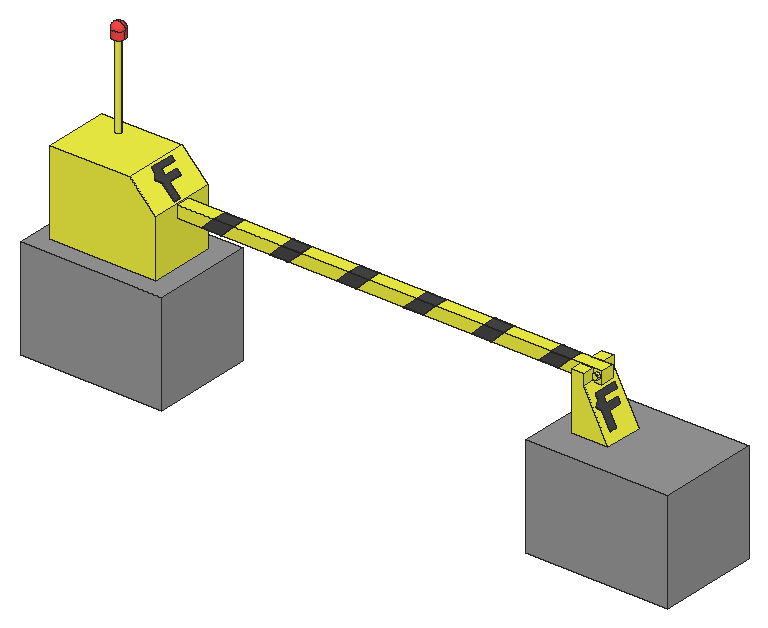
Revit family "ПТУ_отдельный фундамент", category Специальное оборудование, Revit 2019
Family settings
  Размер круглого соединителя = Использовать диаметр
  Тип детали = Нормальный
  На основе рабочей плоскости = Нет
  Всегда вертикально = Нет
  При загрузке вырезать с полостями = Нет
  Общий = Нет
  Точка расчета площади = Нет
Parameters (values of type "ПТУ с раздельными фундаментами., под 6000.,Холодное исполнение")
  Объём вынимаего грунта = 8.6  # constant formula
  Объём бетона = 8.5  # constant formula
  Длина стрелы = 6000 mm
  n рисунок [instance] = rounddown(Длина стрелы / 1000 mm)  # 6
  URL = "https://www.fensys.ru/produkciya/ptu/"
  ADSK_Обозначение = "ПТУ-Л 6000ХА"
  ADSK_Наименование = "Противотаранное устройство с вертикальным подъемом стрелы для остановки т/с массой 3,5 т на скорости 40 км/ч. Перекрываемый проезд 6 м. Электромеханический привод. В комплекте с фундаментом  - армокаркас под бетонирование. Высота стрелы над дорогой - 860 мм. Время закрывания 12 с. Потр.мощность 5 кВт. Температура эксплуатации -55°-+50°. В комплекте: ШУ, пост управления, ф/э безопасности, маячок."
  ADSK_Масса = 2700
  ADSK_Комплект = "ПТУ"  # constant formula
  ADSK_Код изделия = "53407"
  ADSK_Завод-изготовитель = "FENSYS"  # constant formula
  ADSK_Единица измерения = "шт."  # constant formula
Types (8, lengths in mm): name | Длина стрелы | n рисунок | ADSK_Обозначение | ADSK_Наименование | ADSK_Масса | ADSK_Код изделия
  ПТУ с раздельными фундаментами., под 6000.,Тёплое исполнение | 6000 | 6 | "ПТУ-Л 6000ТА" | "Противотаранное устройство с вертикальным подъемом стрелы для остановки т/с массой 3,5 т на скорости 40 км/ч. Перекрываемый проезд 6 м. Электромеханический привод. В комплекте с фундаментом  - армокаркас под бетонирование. Высота стрелы над дорогой - 860 мм. Время закрывания 12 с. Потр. мощность 3 кВт. Температура эксплуатации -20°-+50°. В комплекте: ШУ, пост управления, ф/э безопасности, маячок." | 2700 | "53415"
  ПТУ с раздельными фундаментами., под 6000.,Холодное исполнение | 6000 | 6 | "ПТУ-Л 6000ХА" | "Противотаранное устройство с вертикальным подъемом стрелы для остановки т/с массой 3,5 т на скорости 40 км/ч. Перекрываемый проезд 6 м. Электромеханический привод. В комплекте с фундаментом  - армокаркас под бетонирование. Высота стрелы над дорогой - 860 мм. Время закрывания 12 с. Потр.мощность 5 кВт. Температура эксплуатации -55°-+50°. В комплекте: ШУ, пост управления, ф/э безопасности, маячок." | 2700 | "53407"
  ПТУ с раздельными фундаментами., под 4000.,Тёплое исполнение | 4000 | 4 | "ПТУ-Л 4000ТА" | "Противотаранное устройство с вертикальным подъемом стрелы для остановки т/с массой 3,5 т на скорости 40 км/ч. Перекрываемый проезд 4 м. Электромеханический привод. В комплекте с фундаментом - армокаркас под бетонирование. Высота стрелы над дорогой - 860 мм. Время закрывания 12 с. Потр. мощность 3 кВт. Температура эксплуатации -20°-+50°. В комплекте: ШУ, пост управления, ф/э безопасности, маячок." | 2450 | "53412"
  ПТУ с раздельными фундаментами., под 4000.,Холодное исполнение | 4000 | 4 | "ПТУ-Л 4000ХА" | "Противотаранное устройство с вертикальным подъемом стрелы для остановки т/с массой 3,5 т на скорости 40 км/ч. Перекрываемый проезд 4 м. Электромеханический привод. В комплекте с фундаментом - армокаркас под бетонирование. Высота стрелы над дорогой - 860 мм. Время закрывания 12 с. Потр.мощность 5 кВт. Температура эксплуатации -55°-+50°. В комплекте: ШУ, пост управления, ф/э безопасности, маячок." | 2450 | "53404"
  ПТУ с раздельными фундаментами., под 4500.,Тёплое исполнение | 4500 | 4 | "ПТУ-Л 4500ТА" | "Противотаранное устройство с вертикальным подъемом стрелы для остановки т/с массой 3,5 т на скорости 40 км/ч. Перекрываемый проезд 4,5 м. Электромеханический привод. В комплекте с фундаментом - армокаркас под бетонирование. Высота стрелы над дорогой - 860 мм. Время закрывания 12 с. Потр. мощность 3 кВт. Температура эксплуатации -20°-+50°. В комплекте: ШУ, пост управления, ф/э безопасности, маячок." | 2500 | "53413"
  ПТУ с раздельными фундаментами., под 4500.,Холодное исполнение | 4500 | 4 | "ПТУ-Л 4500ХА" | "Противотаранное устройство с вертикальным подъемом стрелы для остановки т/с массой 3,5 т на скорости 40 км/ч. Перекрываемый проезд 4,5 м. Электромеханический привод. В комплекте с фундаментом - армокаркас под бетонирование. Высота стрелы над дорогой - 860 мм. Время закрывания 12 с. Потр.мощность 5 кВт. Температура эксплуатации -55°-+50°. В комплекте: ШУ, пост управления, ф/э безопасности, маячок." | 2500 | "53405"
  ПТУ с раздельными фундаментами., под 5000.,Холодное исполнение | 5000 | 5 | "ПТУ-Л 5000ХА" | "Противотаранное устройство с вертикальным подъемом стрелы для остановки т/с массой 3,5 т на скорости 40 км/ч. Перекрываемый проезд 5 м. Электромеханический привод. В комплекте с фундаментом  - армокаркас под бетонирование. Высота стрелы над дорогой - 860 мм. Время закрывания 12 с. Потр.мощность 5 кВт. Температура эксплуатации -55°-+50°. В комплекте: ШУ, пост управления,ф/э безопасности, маячок." | 2550 | "53406"
  ПТУ с раздельными фундаментами., под 5000.,Тёплое исполнение | 5000 | 5 | "ПТУ-Л 5000ТА" | "Противотаранное устройство с вертикальным подъемом стрелы для остановки т/с массой 3,5 т на скорости 40 км/ч. Перекрываемый проезд 5 м. Электромеханический привод. В комплекте с фундаментом  - армокаркас под бетонирование. Высота стрелы над дорогой - 860 мм. Время закрывания 12 с. Потр. мощность 3 кВт. Температура эксплуатации -20°-+50°. В комплекте: ШУ, пост управления,ф/э безопасности, маячок." | 2550 | "53414"
Reference planes
  plane 1 "По центру (Вперед/Назад)": y = 0
  plane 2: z = 0
  plane 3 "По центру (Влево/Вправо)": x = 0
  plane 4 "qq": through (-496.28, -2301.368, 1137.47) normal (0.7071, 0, 0.7071)
  plane 5 "xx": x = 6000
Forms (mm)
  Extrusion 1, solid, material "Жёлтый"
    sketch origin (0, 0, 0) x (1, 0, 0) y (0, 0, 1)
      loop
        line (0, 846.25) -> (-393.75, 1240) -> (-1575, 1240) -> (-1575, 0) -> (0, 0) -> (0, 846.25)
    from -480 to 480
  Extrusion 2, solid, material "Жёлтый"
    sketch origin (0, 0, -23.75) x (1, 0, 0) y (0, 0, 1)
      loop
        line (0, 690) -> (6305, 690) -> (6305, 870) -> (0, 870) -> (0, 690)
    from -100 to 100
  Extrusion 3, solid, material "Жёлтый"
    sketch origin (-283.927, 0, 0) x (1, 0, 0) y (0, 0, 1)
      loop
        circle (6530.851, 768.174) r 40
    from -150 to 150
  Extrusion 4, solid, material "Бетон"
    sketch origin (-25, 0, 0) x (1, 0, 0) y (0, 1, 0)
      loop
        line (-1775, 750) -> (-1775, -750) -> (325, -750) -> (325, 750) -> (-1775, 750)
      loop
        line (5725, 750) -> (5725, -750) -> (7825, -750) -> (7825, 750) -> (5725, 750)
    from 0 to -1500
  Extrusion 5, solid, material "Жёлтый"
    sketch origin (0, 10.914, 0) x (1, 0, 0) y (0, 1, 0)
      loop
        circle (-1165.563, 269.086) r 40
    from 1240 to 2500
  Revolve 6, solid, material "Красный"
    sketch origin (0, 280, -100.855) x (1, 0, 0) y (0, 0, 1)
      loop
        line (-1073.063, 2600.855) -> (-1073.063, 2716.582)
        arc (-1073.063, 2716.582) -> (-1100.155, 2781.989) -> (-1165.563, 2809.082) r 92.5
        line (-1165.563, 2809.082) -> (-1165.563, 2600.855) -> (-1073.063, 2600.855)
      axis (-1165.563, 2600.855) -> (-1165.563, 2809.082)
    angle from 0 to 360
  Extrusion 7, solid, material "Чёрный"
    sketch origin (-938.291, -850, 1784.541) x (-0.707107, 0, 0.707107) y (0, -1, 0)
      loop
        line (-804.098, -1090) -> (-804.098, -750)
        arc (-804.098, -750) -> (-807.027, -742.929) -> (-814.098, -740) r 10
        line (-814.098, -740) -> (-884.098, -740) -> (-954.809, -669.289) -> (-1025.519, -740) -> (-1275.519, -740)
        arc (-1275.519, -740) -> (-1282.59, -742.929) -> (-1285.519, -750) r 10
        line (-1285.519, -750) -> (-1285.519, -835)
        arc (-1285.519, -835) -> (-1282.59, -842.071) -> (-1275.519, -845) r 10
        line (-1275.519, -845) -> (-1075.519, -845)
        arc (-1075.519, -845) -> (-1068.448, -847.929) -> (-1065.519, -855) r 10
        line (-1065.519, -855) -> (-1065.519, -1045)
        arc (-1065.519, -1045) -> (-1062.59, -1052.071) -> (-1055.519, -1055) r 10
        line (-1055.519, -1055) -> (-980.519, -1055)
        arc (-980.519, -1055) -> (-973.448, -1052.071) -> (-970.519, -1045) r 10
        line (-970.519, -1045) -> (-970.519, -855)
        arc (-970.519, -855) -> (-967.59, -847.929) -> (-960.519, -845) r 10
        line (-960.519, -845) -> (-895.519, -845)
        arc (-895.519, -845) -> (-888.448, -847.929) -> (-885.519, -855) r 10
        line (-885.519, -855) -> (-885.519, -1090)
        arc (-885.519, -1090) -> (-882.59, -1097.071) -> (-875.519, -1100) r 10
        line (-875.519, -1100) -> (-814.098, -1100)
        arc (-814.098, -1100) -> (-807.027, -1097.071) -> (-804.098, -1090) r 10
    from 0 to 5
  Extrusion 8, solid, material "Чёрный"
    sketch origin (0, -100, -23.75) x (1, 0, 0) y (0, 0, 1)
      loop
        line (377.377, 690) -> (668.716, 690) -> (848.716, 870) -> (557.377, 870) -> (377.377, 690)
    from 0 to 1
  Extrusion 9, solid, material "Чёрный"
    sketch origin (0, 0, 846.25) x (1, 0, 0) y (0, 1, 0)
      loop
        line (848.497, -101) -> (848.497, 100) -> (557.398, 100) -> (557.398, -101) -> (848.497, -101)
    from 0 to 1
  Extrusion 10, solid, material "Чёрный"
    sketch origin (-1068.661, 0, 666.25) x (0, -1, 0) y (-1, 0, 0)
      loop
        line (101, -1737.377) -> (101, -1446.038) -> (-100, -1446.038) -> (-100, -1737.377) -> (101, -1737.377)
    from 0 to 1
  Extrusion 11, solid, material "Чёрный"
    sketch origin (-410.219, 100, -23.75) x (-1, 0, 0) y (0, 0, 1)
      loop
        line (-787.377, 690) -> (-967.377, 870) -> (-1258.716, 870) -> (-1078.716, 690) -> (-787.377, 690)
    from 0 to 1
  Extrusion 12, solid, material "Чёрный", not visible
    sketch origin (0, -100, -23.75) x (1, 0, 0) y (0, 0, 1)
      loop
        line (377.377, 690) -> (668.716, 690) -> (848.716, 870) -> (557.377, 870) -> (377.377, 690)
    from 0 to 1
  Extrusion 13, solid, material "Чёрный", not visible
    sketch origin (0, 0, 846.25) x (1, 0, 0) y (0, 1, 0)
      loop
        line (848.497, -101) -> (848.497, 100) -> (557.398, 100) -> (557.398, -101) -> (848.497, -101)
    from 0 to 1
  Extrusion 14, solid, material "Чёрный", not visible
    sketch origin (-1068.661, 0, 666.25) x (0, -1, 0) y (-1, 0, 0)
      loop
        line (101, -1737.377) -> (101, -1446.038) -> (-100, -1446.038) -> (-100, -1737.377) -> (101, -1737.377)
    from 0 to 1
  Extrusion 15, solid, material "Чёрный", not visible
    sketch origin (-410.219, 100, -23.75) x (-1, 0, 0) y (0, 0, 1)
      loop
        line (-787.377, 690) -> (-967.377, 870) -> (-1258.716, 870) -> (-1078.716, 690) -> (-787.377, 690)
    from 0 to 1
  Extrusion 16, solid, material "Чёрный"
    sketch origin (1000, -100, -23.75) x (1, 0, 0) y (0, 0, 1)
      loop
        line (377.377, 690) -> (668.716, 690) -> (848.716, 870) -> (557.377, 870) -> (377.377, 690)
    from 0 to 1
  Extrusion 17, solid, material "Чёрный"
    sketch origin (1000, 0, 846.25) x (1, 0, 0) y (0, 1, 0)
      loop
        line (848.497, -101) -> (848.497, 100) -> (557.398, 100) -> (557.398, -101) -> (848.497, -101)
    from 0 to 1
  Extrusion 18, solid, material "Чёрный"
    sketch origin (-68.661, 0, 666.25) x (0, -1, 0) y (-1, 0, 0)
      loop
        line (101, -1737.377) -> (101, -1446.038) -> (-100, -1446.038) -> (-100, -1737.377) -> (101, -1737.377)
    from 0 to 1
  Extrusion 19, solid, material "Чёрный"
    sketch origin (589.781, 100, -23.75) x (-1, 0, 0) y (0, 0, 1)
      loop
        line (-787.377, 690) -> (-967.377, 870) -> (-1258.716, 870) -> (-1078.716, 690) -> (-787.377, 690)
    from 0 to 1
  Extrusion 20, solid, material "Чёрный"
    sketch origin (2000, -100, -23.75) x (1, 0, 0) y (0, 0, 1)
      loop
        line (377.377, 690) -> (668.716, 690) -> (848.716, 870) -> (557.377, 870) -> (377.377, 690)
    from 0 to 1
  Extrusion 21, solid, material "Чёрный"
    sketch origin (2000, 0, 846.25) x (1, 0, 0) y (0, 1, 0)
      loop
        line (848.497, -101) -> (848.497, 100) -> (557.398, 100) -> (557.398, -101) -> (848.497, -101)
    from 0 to 1
  Extrusion 22, solid, material "Чёрный"
    sketch origin (931.339, 0, 666.25) x (0, -1, 0) y (-1, 0, 0)
      loop
        line (101, -1737.377) -> (101, -1446.038) -> (-100, -1446.038) -> (-100, -1737.377) -> (101, -1737.377)
    from 0 to 1
  Extrusion 23, solid, material "Чёрный"
    sketch origin (1589.781, 100, -23.75) x (-1, 0, 0) y (0, 0, 1)
      loop
        line (-787.377, 690) -> (-967.377, 870) -> (-1258.716, 870) -> (-1078.716, 690) -> (-787.377, 690)
    from 0 to 1
  Extrusion 24, solid, material "Чёрный"
    sketch origin (3000, -100, -23.75) x (1, 0, 0) y (0, 0, 1)
      loop
        line (377.377, 690) -> (668.716, 690) -> (848.716, 870) -> (557.377, 870) -> (377.377, 690)
    from 0 to 1
  Extrusion 25, solid, material "Чёрный"
    sketch origin (3000, 0, 846.25) x (1, 0, 0) y (0, 1, 0)
      loop
        line (848.497, -101) -> (848.497, 100) -> (557.398, 100) -> (557.398, -101) -> (848.497, -101)
    from 0 to 1
  Extrusion 26, solid, material "Чёрный"
    sketch origin (1931.339, 0, 666.25) x (0, -1, 0) y (-1, 0, 0)
      loop
        line (101, -1737.377) -> (101, -1446.038) -> (-100, -1446.038) -> (-100, -1737.377) -> (101, -1737.377)
    from 0 to 1
  Extrusion 27, solid, material "Чёрный"
    sketch origin (2589.781, 100, -23.75) x (-1, 0, 0) y (0, 0, 1)
      loop
        line (-787.377, 690) -> (-967.377, 870) -> (-1258.716, 870) -> (-1078.716, 690) -> (-787.377, 690)
    from 0 to 1
  Extrusion 28, solid, material "Чёрный"
    sketch origin (4000, -100, -23.75) x (1, 0, 0) y (0, 0, 1)
      loop
        line (377.377, 690) -> (668.716, 690) -> (848.716, 870) -> (557.377, 870) -> (377.377, 690)
    from 0 to 1
  Extrusion 29, solid, material "Чёрный"
    sketch origin (4000, 0, 846.25) x (1, 0, 0) y (0, 1, 0)
      loop
        line (848.497, -101) -> (848.497, 100) -> (557.398, 100) -> (557.398, -101) -> (848.497, -101)
    from 0 to 1
  Extrusion 30, solid, material "Чёрный"
    sketch origin (2931.339, 0, 666.25) x (0, -1, 0) y (-1, 0, 0)
      loop
        line (101, -1737.377) -> (101, -1446.038) -> (-100, -1446.038) -> (-100, -1737.377) -> (101, -1737.377)
    from 0 to 1
  Extrusion 31, solid, material "Чёрный"
    sketch origin (3589.781, 100, -23.75) x (-1, 0, 0) y (0, 0, 1)
      loop
        line (-787.377, 690) -> (-967.377, 870) -> (-1258.716, 870) -> (-1078.716, 690) -> (-787.377, 690)
    from 0 to 1
  Extrusion 32, solid, material "Чёрный"
    sketch origin (5000, -100, -23.75) x (1, 0, 0) y (0, 0, 1)
      loop
        line (377.377, 690) -> (668.716, 690) -> (848.716, 870) -> (557.377, 870) -> (377.377, 690)
    from 0 to 1
  Extrusion 33, solid, material "Чёрный"
    sketch origin (5000, 0, 846.25) x (1, 0, 0) y (0, 1, 0)
      loop
        line (848.497, -101) -> (848.497, 100) -> (557.398, 100) -> (557.398, -101) -> (848.497, -101)
    from 0 to 1
  Extrusion 34, solid, material "Чёрный"
    sketch origin (3931.339, 0, 666.25) x (0, -1, 0) y (-1, 0, 0)
      loop
        line (101, -1737.377) -> (101, -1446.038) -> (-100, -1446.038) -> (-100, -1737.377) -> (101, -1737.377)
    from 0 to 1
  Extrusion 35, solid, material "Чёрный"
    sketch origin (4589.781, 100, -23.75) x (-1, 0, 0) y (0, 0, 1)
      loop
        line (-787.377, 690) -> (-967.377, 870) -> (-1258.716, 870) -> (-1078.716, 690) -> (-787.377, 690)
    from 0 to 1
Cuts and joins
  joined: Extrusion 2, Extrusion 3
Lines and regions (mm)
  model lines
    curve 1: line (-393.75, -480, 1120) -> (-533.75, -480, 1120)
    curve 2: line (-393.75, -480, 1120) -> (-82.623, -480, 808.873)
    curve 3: line (-82.623, -480, 808.873) -> (-82.623, -480, 108.873)
    curve 4: line (-82.623, -480, 108.873) -> (-533.75, -480, 108.873)
    curve 5: line (-533.75, -480, 108.873) -> (-533.75, -480, 1120)
    curve 6: circle (-508.265, -480, 1016.19) r 5 normal (0, -1, 0)
    curve 7: circle (-508.265, -480, 616.19) r 5 normal (0, -1, 0)
    curve 8: circle (-508.265, -480, 196.19) r 5 normal (0, -1, 0)
    curve 9: circle (-437.554, -480, 125.48) r 5 normal (0, -1, 0)
    curve 10: circle (-312.554, -480, 125.48) r 5 normal (0, -1, 0)
    curve 11: circle (-187.554, -480, 125.48) r 5 normal (0, -1, 0)
    curve 12: circle (-393.265, -480, 1016.19) r 5 normal (0, -1, 0)
    curve 13: circle (-276.592, -480, 899.518) r 5 normal (0, -1, 0)
    curve 14: circle (-149.313, -480, 772.238) r 5 normal (0, -1, 0)
    curve 15: circle (-149.313, -480, 592.238) r 5 normal (0, -1, 0)
    curve 16: circle (-149.313, -480, 392.238) r 5 normal (0, -1, 0)
    curve 17: line (-393.75, 480, 1120) -> (-533.75, 480, 1120)
    curve 18: line (-393.75, 480, 1120) -> (-82.623, 480, 808.873)
    curve 19: line (-82.623, 480, 108.873) -> (-533.75, 480, 108.873)
    curve 20: line (-533.75, 480, 108.873) -> (-533.75, 480, 1120)
    curve 21: circle (-508.265, 480, 1016.19) r 5 normal (0, -1, 0)
    curve 22: circle (-508.265, 480, 616.19) r 5 normal (0, -1, 0)
    curve 23: circle (-508.265, 480, 196.19) r 5 normal (0, -1, 0)
    curve 24: circle (-437.554, 480, 125.48) r 5 normal (0, -1, 0)
    curve 25: circle (-312.554, 480, 125.48) r 5 normal (0, -1, 0)
    curve 26: circle (-187.554, 480, 125.48) r 5 normal (0, -1, 0)
    curve 27: circle (-393.265, 480, 1016.19) r 5 normal (0, -1, 0)
    curve 28: circle (-276.592, 480, 899.518) r 5 normal (0, -1, 0)
    curve 29: circle (-149.313, 480, 772.238) r 5 normal (0, -1, 0)
    curve 30: circle (-149.313, 480, 592.238) r 5 normal (0, -1, 0)
    curve 31: circle (-149.313, 480, 392.238) r 5 normal (0, -1, 0)
    curve 32: line (-82.623, -480, 808.873) -> (-82.623, -480, 108.873)
Dimensions and locks
  Extrusion 4 to Extrusion 4 = 7500 mm
  Extrusion 4 sketch curve to Extrusion 4 sketch curve = 7500 mm
  Extrusion 4 to Extrusion 4 = 2100 mm  (x2)
  "Длина стрелы": plane 5 "xx" to plane 3 "По центру (Влево/Вправо)"
  locked: cut or joined group of Extrusion 2, Extrusion 3 to plane 5 "xx" at 305  (x2)
  locked: Extrusion 3 sketch curve to plane 5 "xx" at 246.924
  locked: Extrusion 4 sketch curve to Extrusion 4 sketch curve at 2100  (x2)
  locked: Extrusion 4 to plane 3 "По центру (Влево/Вправо)" at 300
  locked: Extrusion 4 to nested 1 at 300
  equal spacing: group 1, group 3, group 4, group 5, group 6, group 7  (x3)
  aligned and locked: level to plane 2
  aligned and locked: Extrusion 5 to Extrusion 1
  aligned and locked: Revolve 6 to Extrusion 5
  aligned and locked: plane 5 "xx" to nested 1
Automatic sketch dimensions
  Extrusion 1 sketch curve to level = 0 mm
  Extrusion 1 sketch curve to plane 3 "По центру (Влево/Вправо)" = 0 mm
  Extrusion 1 sketch curve to plane 3 "По центру (Влево/Вправо)" = 393.75 mm
  Extrusion 1 sketch curve to plane 3 "По центру (Влево/Вправо)" = 1575 mm
  level to Extrusion 1 sketch curve = 846.25 mm
  Extrusion 1 sketch curve to Extrusion 1 sketch curve = 393.75 mm
  Extrusion 2 sketch curve to plane 3 "По центру (Влево/Вправо)" = 0 mm
  plane 5 "xx" to Extrusion 2 sketch curve = 305 mm
  level to Extrusion 2 sketch curve = 666.25 mm
  Extrusion 2 sketch curve to Extrusion 2 sketch curve = 180 mm
  curve 1 to Extrusion 1 = 120 mm
  curve 1 to Extrusion 1 = 533.75 mm
  curve 4 to curve 8 = 25.485 mm
  curve 7 to curve 8 = 0 mm
  curve 1 to curve 6 = 25.485 mm
  curve 4 to curve 9 = 96.196 mm
  curve 1 to curve 2 = 140 mm
  curve 1 to curve 12 = 0.485 mm
  curve 9 to curve 10 = 125 mm
  curve 12 to curve 13 = 116.673 mm
  curve 10 to curve 11 = 125 mm
  curve 16 to Extrusion 1 = 149.313 mm
  curve 14 to Extrusion 1 = 149.313 mm
  curve 15 to Extrusion 1 = 149.313 mm
  curve 14 to curve 3 = 66.69 mm
  curve 12 to curve 1 = 103.81 mm
  curve 6 to curve 1 = 103.81 mm
  curve 13 to curve 12 = 116.673 mm
  curve 3 to curve 13 = 90.645 mm
  curve 14 to curve 2 = 36.635 mm
  curve 7 to curve 13 = 283.327 mm
  curve 15 to curve 14 = 180 mm
  curve 16 to curve 15 = 200 mm
  curve 8 to Extrusion 1 = 196.19 mm
  curve 10 to Extrusion 1 = 125.48 mm
  curve 9 to curve 8 = 70.711 mm
  curve 11 to curve 10 = 0 mm
  curve 5 to curve 8 = 87.317 mm
  curve 17 to plane 3 "По центру (Влево/Вправо)" = 533.75 mm
  curve 19 to curve 23 = 25.485 mm
  curve 23 to curve 22 = 0 mm
  curve 17 to curve 21 = 25.485 mm
  curve 19 to curve 24 = 96.196 mm
  curve 17 to curve 18 = 140 mm
  curve 17 to curve 27 = 0.485 mm
  curve 24 to curve 25 = 125 mm
  curve 27 to curve 28 = 116.673 mm  (x2)
  curve 25 to curve 26 = 125 mm
  curve 31 to plane 3 "По центру (Влево/Вправо)" = 149.313 mm
  curve 30 to plane 3 "По центру (Влево/Вправо)" = 149.313 mm
  curve 29 to plane 3 "По центру (Влево/Вправо)" = 149.313 mm
  curve 19 to plane 3 "По центру (Влево/Вправо)" = 82.623 mm
  curve 29 to curve 18 = 66.69 mm
  level to curve 17 = 1120 mm
  curve 17 to curve 21 = 103.81 mm
  curve 17 to curve 27 = 103.81 mm
  curve 28 to curve 18 = 90.645 mm
  curve 18 to curve 29 = 36.635 mm
  curve 28 to curve 22 = 283.327 mm
  curve 29 to curve 30 = 180 mm
  curve 30 to curve 31 = 200 mm
  level to curve 23 = 196.19 mm
  level to curve 25 = 125.48 mm
  curve 23 to curve 24 = 70.711 mm
  curve 26 to curve 25 = 0 mm
  curve 26 to curve 19 = 16.607 mm
  curve 32 to plane 3 "По центру (Влево/Вправо)" = 82.623 mm
  level to curve 32 = 108.873 mm
  curve 32 to curve 32 = 700 mm
  level to Extrusion 3 sketch curve = 768.174 mm
  plane 1 "По центру (Вперед/Назад)" to Extrusion 4 sketch curve = 750 mm  (x2)
  Extrusion 4 sketch curve to plane 3 "По центру (Влево/Вправо)" = 1800 mm
  Extrusion 4 sketch curve to plane 1 "По центру (Вперед/Назад)" = 750 mm  (x2)
  Extrusion 5 sketch curve to plane 1 "По центру (Вперед/Назад)" = 280 mm
  Extrusion 5 sketch curve to plane 3 "По центру (Влево/Вправо)" = 1165.563 mm
  Revolve 6 sketch curve to plane 3 "По центру (Влево/Вправо)" = 1165.563 mm
  Revolve 6 sketch curve to Revolve 6 sketch curve = 92.5 mm
  level to Revolve 6 sketch curve = 2500 mm
  Revolve 6 sketch curve to Revolve 6 sketch curve = 115.727 mm
  Revolve 6 sketch curve to Revolve 6 sketch curve = 0 mm
  Revolve 6 sketch curve to Revolve 6 sketch curve = 30 mm
  Revolve 6 sketch curve to Revolve 6 sketch curve = 130 mm
  Extrusion 1 to Extrusion 7 sketch curve = 41.424 mm
  Extrusion 7 sketch curve to Extrusion 7 sketch curve = 10 mm  (x8)
  Extrusion 7 sketch curve to Extrusion 7 sketch curve = 200 mm
  Extrusion 7 sketch curve to Extrusion 7 sketch curve = 50 mm
  Extrusion 7 sketch curve to Extrusion 7 sketch curve = 75 mm
  Extrusion 7 sketch curve to Extrusion 7 sketch curve = 95 mm  (x2)
  Extrusion 7 sketch curve to Extrusion 7 sketch curve = 70.711 mm  (x2)
  Extrusion 7 sketch curve to Extrusion 7 sketch curve = 65 mm
  Extrusion 7 sketch curve to Extrusion 1 = 44.001 mm  (x2)
  Extrusion 1 to Extrusion 7 sketch curve = 230 mm
  Extrusion 7 sketch curve to Extrusion 7 sketch curve = 35 mm
  Extrusion 7 sketch curve to Extrusion 7 sketch curve = 190 mm
  Extrusion 7 sketch curve to Extrusion 7 sketch curve = 0 mm
  Extrusion 7 sketch curve to Extrusion 7 sketch curve = 85 mm
  Extrusion 8 sketch curve to Extrusion 8 sketch curve = 180 mm  (x3)
  Extrusion 8 sketch curve to Extrusion 8 sketch curve = 111.339 mm
  Extrusion 9 sketch curve to Extrusion 9 sketch curve = 291.1 mm
  Extrusion 10 sketch curve to Extrusion 10 sketch curve = 291.339 mm
  Extrusion 11 sketch curve to Extrusion 11 sketch curve = 180 mm  (x3)
  Extrusion 11 sketch curve to Extrusion 11 sketch curve = 111.339 mm
  Extrusion 9 sketch curve to Extrusion 9 sketch curve = 201 mm
  Extrusion 10 sketch curve to Extrusion 10 sketch curve = 201 mm
  Extrusion 12 sketch curve to Extrusion 12 sketch curve = 180 mm  (x3)
  Extrusion 12 sketch curve to Extrusion 12 sketch curve = 111.339 mm
  Extrusion 13 sketch curve to Extrusion 13 sketch curve = 291.1 mm
  Extrusion 14 sketch curve to Extrusion 14 sketch curve = 291.339 mm
  Extrusion 15 sketch curve to Extrusion 15 sketch curve = 180 mm  (x3)
  Extrusion 15 sketch curve to Extrusion 15 sketch curve = 111.339 mm
  Extrusion 13 sketch curve to Extrusion 13 sketch curve = 201 mm
  Extrusion 14 sketch curve to Extrusion 14 sketch curve = 201 mm
  Extrusion 16 sketch curve to Extrusion 16 sketch curve = 180 mm  (x3)
  Extrusion 16 sketch curve to Extrusion 16 sketch curve = 111.339 mm
  Extrusion 17 sketch curve to Extrusion 17 sketch curve = 291.1 mm
  Extrusion 18 sketch curve to Extrusion 18 sketch curve = 291.339 mm
  Extrusion 19 sketch curve to Extrusion 19 sketch curve = 180 mm  (x3)
  Extrusion 19 sketch curve to Extrusion 19 sketch curve = 111.339 mm
  Extrusion 17 sketch curve to Extrusion 17 sketch curve = 201 mm
  Extrusion 18 sketch curve to Extrusion 18 sketch curve = 201 mm
  Extrusion 20 sketch curve to Extrusion 20 sketch curve = 180 mm  (x3)
  Extrusion 20 sketch curve to Extrusion 20 sketch curve = 111.339 mm
  Extrusion 21 sketch curve to Extrusion 21 sketch curve = 291.1 mm
  Extrusion 22 sketch curve to Extrusion 22 sketch curve = 291.339 mm
  Extrusion 23 sketch curve to Extrusion 23 sketch curve = 180 mm  (x3)
  Extrusion 23 sketch curve to Extrusion 23 sketch curve = 111.339 mm
  Extrusion 21 sketch curve to Extrusion 21 sketch curve = 201 mm
  Extrusion 22 sketch curve to Extrusion 22 sketch curve = 201 mm
  Extrusion 24 sketch curve to Extrusion 24 sketch curve = 180 mm  (x3)
  Extrusion 24 sketch curve to Extrusion 24 sketch curve = 111.339 mm
  Extrusion 25 sketch curve to Extrusion 25 sketch curve = 291.1 mm
  Extrusion 26 sketch curve to Extrusion 26 sketch curve = 291.339 mm
  Extrusion 27 sketch curve to Extrusion 27 sketch curve = 180 mm  (x3)
  Extrusion 27 sketch curve to Extrusion 27 sketch curve = 111.339 mm
  Extrusion 25 sketch curve to Extrusion 25 sketch curve = 201 mm
  Extrusion 26 sketch curve to Extrusion 26 sketch curve = 201 mm
  Extrusion 28 sketch curve to Extrusion 28 sketch curve = 180 mm  (x3)
  Extrusion 28 sketch curve to Extrusion 28 sketch curve = 111.339 mm
  Extrusion 29 sketch curve to Extrusion 29 sketch curve = 291.1 mm
  Extrusion 30 sketch curve to Extrusion 30 sketch curve = 291.339 mm
  Extrusion 31 sketch curve to Extrusion 31 sketch curve = 180 mm  (x3)
  Extrusion 31 sketch curve to Extrusion 31 sketch curve = 111.339 mm
  Extrusion 29 sketch curve to Extrusion 29 sketch curve = 201 mm
  Extrusion 30 sketch curve to Extrusion 30 sketch curve = 201 mm
  Extrusion 32 sketch curve to Extrusion 32 sketch curve = 180 mm  (x3)
  Extrusion 32 sketch curve to Extrusion 32 sketch curve = 111.339 mm
  Extrusion 33 sketch curve to Extrusion 33 sketch curve = 291.1 mm
  Extrusion 34 sketch curve to Extrusion 34 sketch curve = 291.339 mm
  Extrusion 35 sketch curve to Extrusion 35 sketch curve = 180 mm  (x3)
  Extrusion 35 sketch curve to Extrusion 35 sketch curve = 111.339 mm
  Extrusion 33 sketch curve to Extrusion 33 sketch curve = 201 mm
  Extrusion 34 sketch curve to Extrusion 34 sketch curve = 201 mm
  radius of curve 6 = 5 mm
  radius of curve 7 = 5 mm
  radius of curve 8 = 5 mm
  radius of curve 9 = 5 mm
  radius of curve 10 = 5 mm
  radius of curve 11 = 5 mm
  radius of curve 12 = 5 mm
  radius of curve 13 = 5 mm
  radius of curve 14 = 5 mm
  radius of curve 15 = 5 mm
  radius of curve 16 = 5 mm
  radius of curve 21 = 5 mm
  radius of curve 22 = 5 mm
  radius of curve 23 = 5 mm
  radius of curve 24 = 5 mm
  radius of curve 25 = 5 mm
  radius of curve 26 = 5 mm
  radius of curve 27 = 5 mm
  radius of curve 28 = 5 mm
  radius of curve 29 = 5 mm
  radius of curve 30 = 5 mm
  radius of curve 31 = 5 mm
  radius of Extrusion 3 sketch curve = 40 mm
  radius of Extrusion 5 sketch curve = 40 mm
Nested families
  nested 1: "Упор" at (6000, 0, 0), type "Отдельные фундаменты"
    with Тёплое исполнение ""
Definition of nested family "Упор"
  Parameters (values of type "Общий фундамент")
    Тёплое исполнение [instance] = ""
    Объём вынимаего грунта = 0
    Объём бетона = 0
    URL = "https://www.fensys.ru/produkciya/ptu/"
    ADSK_Обозначение = ""
    ADSK_Наименование = "ПТУ-Л_Общий фундамент"
    ADSK_Масса = 0
    ADSK_Комплект = "\"ПТУ\""
    ADSK_Код изделия = ""
    ADSK_Завод-изготовитель = "FENSYS"  # constant formula
    ADSK_Единица измерения = "шт."  # constant formula
  Types (3, lengths in mm): name | ADSK_Наименование | ADSK_Комплект
    (no name) | "ПТУ-Л_Общий фундамент" | "\"ПТУ\""
    Отдельные фундаменты | "ПТУ-Л_Отдельные фундаменты" | ""
    Общий фундамент | "ПТУ-Л_Общий фундамент" | "\"ПТУ\""
  Reference planes
    plane 1 "По центру (Вперед/Назад)": y = 0
    plane 2: z = 0
    plane 3 "По центру (Влево/Вправо)": x = 0
  Forms (mm)
    Extrusion 1, solid
      sketch origin (-6120, 0, 0) x (1, 0, 0) y (0, 0, 1)
        loop
          line (6120, 0) -> (6665, 0) -> (6300, 690) -> (6300, 846.25) -> (6120, 846.25) -> (6120, 0)
      from -280 to 280
    Extrusion 2, void
      sketch origin (-6120, 0, 0) x (1, 0, 0) y (0, 1, 0)
        loop
          line (6120, 100) -> (6120, -100) -> (6300, -100) -> (6300, 100) -> (6120, 100)
      from 690 to 846.25
    Extrusion 3, solid
      sketch origin (180, 0, 690) x (0.467593, 0, -0.883944) y (0, 1, 0)
        loop
          line (153.249, 189.629) -> (153.249, -150.371)
          arc (153.249, -150.371) -> (156.178, -157.442) -> (163.249, -160.371) r 10
          line (163.249, -160.371) -> (233.249, -160.371) -> (303.96, -231.082) -> (374.67, -160.371) -> (624.67, -160.371)
          arc (624.67, -160.371) -> (631.741, -157.442) -> (634.67, -150.371) r 10
          line (634.67, -150.371) -> (634.67, -65.371)
          arc (634.67, -65.371) -> (631.741, -58.3) -> (624.67, -55.371) r 10
          line (624.67, -55.371) -> (424.67, -55.371)
          arc (424.67, -55.371) -> (417.599, -52.442) -> (414.67, -45.371) r 10
          line (414.67, -45.371) -> (414.67, 144.629)
          arc (414.67, 144.629) -> (411.741, 151.7) -> (404.67, 154.629) r 10
          line (404.67, 154.629) -> (329.67, 154.629)
          arc (329.67, 154.629) -> (322.599, 151.7) -> (319.67, 144.629) r 10
          line (319.67, 144.629) -> (319.67, -45.371)
          arc (319.67, -45.371) -> (316.741, -52.442) -> (309.67, -55.371) r 10
          line (309.67, -55.371) -> (244.67, -55.371)
          arc (244.67, -55.371) -> (237.599, -52.442) -> (234.67, -45.371) r 10
          line (234.67, -45.371) -> (234.67, 189.629)
          arc (234.67, 189.629) -> (231.741, 196.7) -> (224.67, 199.629) r 10
          line (224.67, 199.629) -> (163.249, 199.629)
          arc (163.249, 199.629) -> (156.178, 196.7) -> (153.249, 189.629) r 10
      from 0 to 5
  Cuts and joins
    Extrusion 2 cuts Extrusion 1
  Dimensions and locks
    cut or joined group of Extrusion 1, Extrusion 2 to plane 3 "По центру (Влево/Вправо)" = 0 mm
    locked: Extrusion 1 sketch curve to Extrusion 1 sketch curve at 545
    aligned and locked: level to plane 2
    aligned and locked: Extrusion 3 to cut or joined group of Extrusion 1, Extrusion 2
